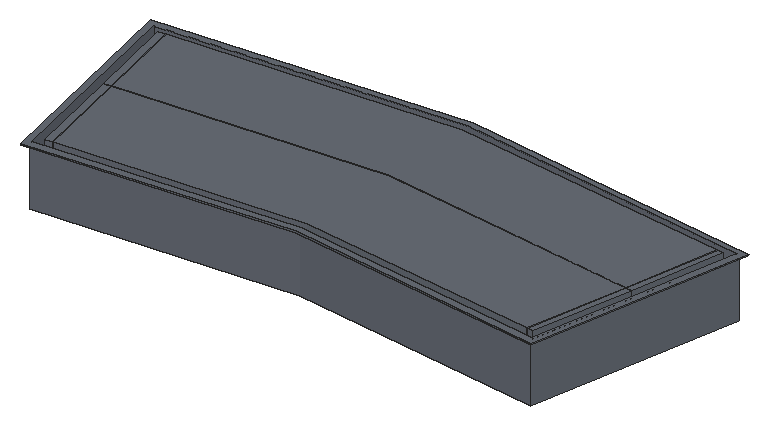
Revit family
Parameters (values of type "PL07 07 7/0")
  Width = 359.2 mm
  URL = "http://www.meinertz.com/pictures_org/prodk.pdf"
  Thermal Performance = Thermal Performance Constant * Length / 1000 mm  # 288.7631
  Thermal Performance Index = 7
  Tap Radius = 9.5 mm / 2  # 4.75 mm
  Right Tap Visible = Count Grill Main > 5  # yes
  Not Flip Convector Side = not(Flip Convector Side)  # yes
  Disable Tap 2 = and(Right Tap Visible, (Flip Convector Side))  # no
  Disable Tap = and(Right Tap Visible, not(Flip Convector Side))  # yes
  Actual Width 2 = if(Flip Convector Side, (Count Grill Side) * 24 mm + 13 mm + 11 mm, Count Grill Main * 24 mm + 11 mm)  # 179 mm
  Actual Width 1 = if(Flip Convector Side, Count Grill Main * 24 mm + 11 mm, (Count Grill Side) * 24 mm + 13 mm + 11 mm)  # 192 mm
  Actual Width = Actual Width 1 + Actual Width 2  # 371 mm
  R = ((K ^ 2) / (8 * H) + (H / 2))  # 2525 mm
  Outer Side Width = Width - Convector Width  # 191.2 mm
  Model = "PL07 07 7/0"
  Manufacturer = "Meinertz"  # constant formula
  Length = 2 * 3.14 * R * Alpha / Full Circle  # 1006.143 mm
  Keynote = "PL07 07 7/0"
  GoGetNo = 6948  # constant formula
  Full Circle = 360.00°  # constant formula
  Depth Outer = if(Flip Convector Side, 20 mm, 70 mm)  # 70 mm
  K = 1000 mm
  Inner rad = R - Actual Width  # 2154 mm
  H = 50 mm
  Grill = RAL 7024
  Frame = RAL 7024
  Depth Inside = if(Flip Convector Side, 70 mm, 20 mm)  # 20 mm
  Depth = 100 mm
  Count Grill Total = (Width - 13 mm - 22 mm) / 24 mm + 0.49  # 14
  Count Grill Side = Count Grill Total - Count Grill Main  # 7
  Count Grill Main = Convector Width / 24 mm  # 7
  Flip Convector Side = no
  Convector Width = 168 mm
  Center Rad = Inner rad + Actual Width 1  # 2346 mm
  Thermal Performance Constant = if(Thermal Performance Index = 3, 145, if(Thermal Performance Index = 4, 191, if(Thermal Performance Index = 5, 231, if(Thermal Performance Index = 6, 262, if(Thermal Performance Index = 7, 287, if(Thermal Performance Index = 8, 317, if(Thermal Performance Index = 9, 339, if(Thermal Performance Index = 10, 359, if(Thermal Performance Index = 11, 382, if(Thermal Performance Index = 12, 404, if(Thermal Performance Index = 13, 424, 444)))))))))))  # 287
  Alpha = 2 * acos((R - H) / R)  # 22.8424°
Types (6, lengths in mm): name | Width | Thermal Performance | Thermal Performance Index | Right Tap Visible | Disable Tap | Actual Width 2 | Actual Width 1 | Actual Width | Outer Side Width | Model | Keynote | Inner rad | Count Grill Total | Count Grill Side | Count Grill Main | Convector Width | Center Rad | Thermal Performance Constant
  (no name) | 359.2 | 288.7631 | 7 | yes | yes | 179 | 192 | 371 | 191.2 | "PL07 07 7/0" | "PL07 07 7/0" | 2154 | 14 | 7 | 7 | 168 | 2346 | 287
  PL07 03 5/0 | 215.2 | 145.8907 | 3 | no | no | 83 | 144 | 227 | 143.2 | "PL07 03 5/0" | "PL07 03 5/0" | 2298 | 8 | 5 | 3 | 72 | 2442 | 145
  PL07 04 5/0 | 239.2 | 192.1733 | 4 | no | no | 107 | 144 | 251 | 143.2 | "PL07 04 5/0" | "PL07 04 5/0" | 2274 | 9 | 5 | 4 | 96 | 2418 | 191
  PL07 05 5/0 | 263.2 | 232.419 | 5 | no | no | 131 | 144 | 275 | 143.2 | "PL07 05 5/0" | "PL07 05 5/0" | 2250 | 10 | 5 | 5 | 120 | 2394 | 231
  PL07 06 6/0 | 311.2 | 263.6095 | 6 | yes | yes | 155 | 168 | 323 | 167.2 | "PL07 06 6/0" | "PL07 06 6/0" | 2202 | 12 | 6 | 6 | 144 | 2370 | 262
  PL07 07 7/0 | 359.2 | 288.7631 | 7 | yes | yes | 179 | 192 | 371 | 191.2 | "PL07 07 7/0" | "PL07 07 7/0" | 2154 | 14 | 7 | 7 | 168 | 2346 | 287
Reference planes
  plane 1 "Center (Front/Back)": y = 0
  plane 2: z = 0
  plane 3 "Center (Left/Right)": x = 50.803
  plane 4: x = 550.803
  plane 5: x = -449.197
  plane 6: y = 50
  plane 7: z = -100
  plane 8: y = -2475
  plane 9: z = -70
  plane 10: z = -20
  plane 11: z = -98
Forms (mm)
  Extrusion 1, void
    sketch origin (0, 0, 0) x (1, 0, 0) y (0, 1, 0)
      loop
        line (-449.197, 0) -> (-375.732, -363.653)
        arc (-375.732, -363.653) -> (50.803, -321) -> (477.338, -363.653) r 2154
        line (477.338, -363.653) -> (550.803, 0)
        arc (550.803, 0) -> (50.803, 50) -> (-449.197, 0) r 2525
    from 0 to -100
  Sweep 2, solid, material "RAL 7024" <- "Frame"
    path origin (0, 0, 0) x (1, 0, 0) y (0, 1, 0)
      loop
        line (-449.197, 0) -> (-375.732, -363.653)
        arc (-375.732, -363.653) -> (50.803, -321) -> (477.338, -363.653) r 2154
        line (477.338, -363.653) -> (550.803, 0)
        arc (550.803, 0) -> (50.803, 50) -> (-449.197, 0) r 2525
    profile origin (50.803, 50, 0) x (0, 1, 0) y (0, 0, 1)
      loop
        line (0, 0) -> (-11, 0) -> (-11, -100) -> (-9, -100) -> (-9, -2) -> (0, -2) -> (0, 0)
  Extrusion 3, solid, material "RAL 7024" <- "Frame"
    sketch origin (0, 0, 0) x (1, 0, 0) y (0, 1, 0)
      loop
        line (-420.899, -18.874) -> (-390.202, -170.823)
        arc (-390.202, -170.823) -> (-384.799, -169.796) -> (-379.393, -168.781) r 2346
        line (-379.393, -168.781) -> (-410.091, -16.823)
        arc (-410.091, -16.823) -> (-415.496, -17.842) -> (-420.899, -18.874) r 2501.012
      loop
        arc (522.55, -18.653) -> (517.147, -17.622) -> (511.742, -16.602) r 2501.236
        line (511.742, -16.602) -> (480.999, -168.781)
        arc (480.999, -168.781) -> (486.405, -169.796) -> (491.808, -170.823) r 2346
        line (491.808, -170.823) -> (522.55, -18.653)
    from 0 to -70
  Extrusion 4, solid, material "RAL 7024" <- "Frame"
    sketch origin (0, 0, 0) x (1, 0, 0) y (0, 1, 0)
      loop
        line (-436.253, -8.521) -> (-367.101, -350.827)
        arc (-367.101, -350.827) -> (50.803, -310.108) -> (468.707, -350.827) r 2164.892
        line (468.707, -350.827) -> (537.859, -8.521)
        arc (537.859, -8.521) -> (50.803, 39.108) -> (-436.253, -8.521) r 2514.108
    from -100 to -98
  Extrusion 5, solid, material "RAL 7024" <- "Grill"
    sketch origin (0, 0, 0) x (1, 0, 0) y (0, 1, 0)
      loop
        line (-410.136, -16.602) -> (-379.393, -168.781)
        arc (-379.393, -168.781) -> (50.803, -129) -> (480.999, -168.781) r 2346
        line (480.999, -168.781) -> (511.742, -16.602)
        arc (511.742, -16.602) -> (50.803, 26.236) -> (-410.136, -16.602) r 2501.236
    from 0 to -70
  Extrusion 6, solid, material "RAL 7024" <- "Grill"
    sketch origin (0, 0, 0) x (1, 0, 0) y (0, 1, 0)
      loop
        line (-379.393, -168.781) -> (-346.075, -333.706)
        arc (-346.075, -333.706) -> (50.803, -297.236) -> (447.681, -333.706) r 2177.764
        line (447.681, -333.706) -> (480.999, -168.781)
        arc (480.999, -168.781) -> (50.803, -129) -> (-379.393, -168.781) r 2346
    from 0 to -20
  Extrusion 7, solid, material "RAL 7024" <- "Frame"
    sketch origin (0, 0, 0) x (1, 0, 0) y (0, 1, 0)
      loop
        line (-390.202, -170.823) -> (-356.886, -335.738)
        arc (-356.886, -335.738) -> (-351.482, -334.715) -> (-346.075, -333.706) r 2177.764
        line (-346.075, -333.706) -> (-379.393, -168.781)
        arc (-379.393, -168.781) -> (-384.799, -169.796) -> (-390.202, -170.823) r 2346
      loop
        line (480.999, -168.781) -> (447.681, -333.706)
        arc (447.681, -333.706) -> (453.088, -334.715) -> (458.492, -335.738) r 2177.764
        line (458.492, -335.738) -> (491.808, -170.823)
        arc (491.808, -170.823) -> (486.405, -169.796) -> (480.999, -168.781) r 2346
    from 0 to -20
  Extrusion 8, solid, material "Tap", visible <- "Disable Tap"
    sketch origin (522.55, -18.653, 0) x (-0.19802, -0.980198, 0) y (0, 0, -1)
      loop
        circle (125.244, 55) r 4.75
    from 0 to 13
  Extrusion 9, solid, material "Tap", visible <- "Not Flip Convector Side"
    sketch origin (522.55, -18.653, 0) x (-0.19802, -0.980198, 0) y (0, 0, -1)
      loop
        circle (30, 55) r 4.75
    from 0 to 13
  Extrusion 10, solid, material "Tap", visible <- "Not Flip Convector Side"
    sketch origin (-420.899, -18.874, 0) x (0.19802, -0.980198, 0) y (0, 0, 1)
      loop
        circle (30, -55) r 4.75
    from 0 to 13
  Extrusion 11, solid, material "Tap", visible <- "Disable Tap"
    sketch origin (-420.899, -18.874, 0) x (0.19802, -0.980198, 0) y (0, 0, 1)
      loop
        circle (125.019, -55) r 4.75
    from 0 to 13
  Extrusion 12, solid, material "Tap", visible <- "Disable Tap 2"
    sketch origin (-390.202, -170.823, 0) x (0.19802, -0.980198, 0) y (0, 0, 1)
      loop
        circle (30, -55) r 4.75
    from 0 to 13
  Extrusion 13, solid, material "Tap", visible <- "Flip Convector Side"
    sketch origin (-390.202, -170.823, 0) x (0.19802, -0.980198, 0) y (0, 0, 1)
      loop
        circle (138.246, -55) r 4.75
    from 0 to 13
  Extrusion 14, solid, material "Tap", visible <- "Flip Convector Side"
    sketch origin (491.808, -170.823, 0) x (-0.19802, -0.980198, 0) y (0, 0, -1)
      loop
        circle (138.246, 55) r 4.75
    from 0 to 13
  Extrusion 15, solid, material "Tap", visible <- "Disable Tap 2"
    sketch origin (491.808, -170.823, 0) x (-0.19802, -0.980198, 0) y (0, 0, -1)
      loop
        circle (30, 55) r 4.75
    from 0 to 13
Lines and regions (mm)
  reference lines
    curve 1: arc (-449.197, 0, 0) -> (50.803, 50, 0) -> (550.803, 0, 0) r 2525
    curve 2: arc (-375.732, -363.653, 0) -> (50.803, -321, 0) -> (477.338, -363.653, 0) r 2154
    curve 3: line (-449.197, 0, 0) -> (50.803, -2475, 0)
    curve 4: line (550.803, 0, 0) -> (50.803, -2475, 0)
    curve 5: arc (-413.751, -175.455, 0) -> (50.803, -129, 0) -> (515.357, -175.455, 0) r 2346
    curve 6: arc (-377.888, -352.978, 0) -> (50.803, -310.108, 0) -> (479.494, -352.978, 0) r 2164.892
    curve 7: arc (-447.04, -10.676, 0) -> (50.803, 39.108, 0) -> (548.646, -10.676, 0) r 2514.108
    curve 8: line (-436.253, -8.521, 0) -> (50.803, -2419.45, 0)
    curve 9: line (537.859, -8.521, 0) -> (50.803, -2419.45, 0)
    curve 10: line (-423.493, -6.036, 0) -> (63.489, -2416.596, 0)
    curve 11: arc (-380.437, -340.361, 0) -> (50.803, -297.236, 0) -> (482.043, -340.361, 0) r 2177.764
    curve 12: line (525.099, -6.036, 0) -> (38.117, -2416.596, 0)
    curve 13: arc (-444.491, -23.293, 0) -> (50.803, 26.236, 0) -> (546.097, -23.293, 0) r 2501.236
    curve 14: arc (-442.335, -33.969, 0) -> (50.803, 15.345, 0) -> (543.941, -33.969, 0) r 2490.345
    curve 15: line (-412.685, -3.984, 0) -> (74.224, -2414.182, 0)
    curve 16: arc (-382.594, -329.685, 0) -> (50.803, -286.345, 0) -> (484.2, -329.685, 0) r 2188.655
    curve 17: line (514.291, -3.984, 0) -> (27.382, -2414.182, 0)
Dimensions and locks
  equal spacing: plane 5, plane 3 "Center (Left/Right)", plane 4
  "K": plane 5 to plane 4
  "H": plane 1 "Center (Front/Back)" to plane 6
  "Depth": plane 2 to plane 7
  "R": plane 6 to plane 8
  "Depth Outer": plane 2 to plane 9
  "Depth Inside": plane 2 to plane 10
  curve 3 to curve 8 to curve 10 to curve 15 = 11 mm locked, 13 mm locked, 11 mm locked
  curve 17 to curve 12 to curve 9 to curve 4 = 11 mm locked, 13 mm locked, 11 mm locked  (x2)
  curve 3 to curve 9 to curve 10 to curve 15 = 11 mm locked, 13 mm locked, 11 mm locked
  curve 2 to curve 6 to curve 11 to curve 16 = 10.889 mm, 12.869 mm, 10.889 mm  (x2)
  curve 1 to curve 7 to curve 13 to curve 14 = 10.889 mm, 12.869 mm, 10.889 mm  (x2)
  locked: plane 11 to plane 7 at 2
  Extrusion 3 to Extrusion 8 sketch curve = 30 mm
  locked: Extrusion 9 sketch curve to Extrusion 3 at 30
  Extrusion 9 sketch curve to Extrusion 7 = 35 mm
  locked: Extrusion 3 to Extrusion 10 sketch curve at 30
  locked: Extrusion 11 sketch curve to Extrusion 3 at 30
  locked: Extrusion 3 to Extrusion 10 sketch curve at 55
  locked: Extrusion 3 to Extrusion 11 sketch curve at 55
  locked: Extrusion 7 to Extrusion 12 sketch curve at 55
  locked: Extrusion 7 to Extrusion 12 sketch curve at 30
  locked: Extrusion 13 sketch curve to Extrusion 7 at 30
  locked: Extrusion 7 to Extrusion 13 sketch curve at 55
  locked: Extrusion 15 sketch curve to Extrusion 7 at 30
  locked: Extrusion 7 to Extrusion 15 sketch curve at 55
  locked: Extrusion 7 to Extrusion 14 sketch curve at 30
  locked: Extrusion 7 to Extrusion 14 sketch curve at 55
  locked: Extrusion 3 to Extrusion 8 sketch curve at 55
  locked: Extrusion 3 to Extrusion 9 sketch curve at 55
  "R": radius of curve 1
  "Inner rad": radius of curve 2
  "Center Rad": radius of curve 5
  "Tap Radius": radius of Extrusion 9 sketch curve
  "Tap Radius": radius of Extrusion 8 sketch curve
  "Tap Radius": radius of Extrusion 15 sketch curve
  "Tap Radius": radius of Extrusion 14 sketch curve
  "Tap Radius": radius of Extrusion 10 sketch curve
  "Tap Radius": radius of Extrusion 11 sketch curve
  "Tap Radius": radius of Extrusion 12 sketch curve
  "Tap Radius": radius of Extrusion 13 sketch curve
  aligned and locked: Extrusion 1 sketch curve to curve 1
  aligned and locked: Extrusion 1 sketch curve to curve 2
  aligned and locked: Extrusion 1 sketch curve to curve 3
  aligned and locked: Extrusion 1 sketch curve to curve 4
  aligned and locked: Extrusion 1 to plane 7
  aligned and locked: plane 2 to Extrusion 1
  aligned and locked: plane 9 to Extrusion 3
  aligned and locked: Extrusion 4 sketch curve to curve 8
  aligned and locked: Extrusion 4 sketch curve to curve 6
  aligned and locked: Extrusion 4 sketch curve to curve 7
  aligned and locked: Extrusion 4 sketch curve to curve 9
  aligned and locked: Extrusion 4 to plane 7
  aligned and locked: Extrusion 4 to plane 11
  aligned and locked: curve 15 to Extrusion 5 sketch curve
  aligned and locked: curve 17 to Extrusion 5 sketch curve
  aligned and locked: Extrusion 5 sketch curve to curve 5
  aligned and locked: plane 9 to Extrusion 5
  aligned and locked: curve 15 to Extrusion 6 sketch curve
  aligned and locked: Extrusion 6 sketch curve to curve 5
  aligned and locked: curve 17 to Extrusion 6 sketch curve
  aligned and locked: plane 10 to Extrusion 6
  aligned and locked: Sweep 2 sketch curve to curve 2
  aligned and locked: curve 10 to Extrusion 3 sketch curve
  aligned and locked: curve 15 to Extrusion 3 sketch curve
  aligned and locked: curve 17 to Extrusion 3 sketch curve
  aligned and locked: curve 12 to Extrusion 3 sketch curve
  aligned and locked: Extrusion 3 sketch curve to curve 5  (x2)
  aligned and locked: curve 10 to Extrusion 7 sketch curve
  aligned and locked: curve 15 to Extrusion 7 sketch curve
  aligned and locked: curve 17 to Extrusion 7 sketch curve
  aligned and locked: curve 12 to Extrusion 7 sketch curve
  aligned and locked: Extrusion 7 sketch curve to curve 11  (x2)
  aligned and locked: Extrusion 7 sketch curve to curve 5  (x2)
  aligned and locked: plane 10 to Extrusion 7
  aligned and locked: Sweep 2 sketch curve to curve 3
  aligned and locked: Sweep 2 sketch curve to curve 4
  aligned and locked: Extrusion 3 sketch curve to curve 13
  aligned and locked: Extrusion 5 sketch curve to curve 13
  aligned and locked: Extrusion 6 sketch curve to curve 11
Automatic sketch dimensions
  curve 1 to curve 2 = 0 mm
  curve 1 to curve 5 = 0 mm  (x2)
  curve 1 to curve 6 = 0 mm
  curve 1 to curve 7 = 0 mm
  curve 1 to curve 11 = 0 mm
  curve 1 to curve 13 = 0 mm
  curve 1 to curve 14 = 0 mm
  curve 1 to curve 16 = 0 mm  (x2)
  curve 1 to plane 5 = 0 mm
  curve 4 to plane 3 "Center (Left/Right)" = 0 mm
  curve 7 to plane 3 "Center (Left/Right)" = 0 mm
  curve 8 to plane 3 "Center (Left/Right)" = 0 mm
  curve 1 to plane 1 "Center (Front/Back)" = 0 mm
  curve 3 to plane 8 = 0 mm
  curve 8 to curve 12 = 2.854 mm
  curve 8 to curve 10 = 2.854 mm
  curve 10 to curve 15 = 2.415 mm
  curve 12 to curve 17 = 2.415 mm
  Sweep 2 sketch curve to plane 1 "Center (Front/Back)" = 0 mm
  Sweep 2 sketch curve to Sweep 2 sketch curve = 0 mm  (x2)
  Sweep 2 sketch curve to level = 0 mm
  Sweep 2 sketch curve to profile plane = 0 mm
  profile plane to Sweep 2 sketch curve = 9 mm
  Sweep 2 sketch curve to Sweep 2 sketch curve = 2 mm  (x2)
  Sweep 2 sketch curve to Sweep 2 sketch curve = 98 mm
  Extrusion 3 sketch curve to Extrusion 3 sketch curve = 0 mm  (x2)
  plane 1 "Center (Front/Back)" to Extrusion 3 sketch curve = 16.823 mm
Connectors
  piping at (510.492, -143.992, -55)
    settings: on Extrusion 8, index 1, connector radius 4.8 mm, flow factor 0, pipe flow 0.0 L/s, pressure drop 0.0 Pa, fitting loss kfactor 0, connector angle 0.00°, fixture units 0, flow configuration 1, flow direction 1, fitting loss method 0, system type 22, connector reference index -1, connector utility 0, adjustable connector no, is connector primary yes, fitting loss table "", connector description ""
  piping at (529.352, -50.634, -55)
    settings: on Extrusion 9, index 2, connector radius 4.8 mm, flow factor 0, pipe flow 0.0 L/s, pressure drop 0.0 Pa, fitting loss kfactor 0, connector angle 0.00°, fixture units 0, flow configuration 1, flow direction 2, fitting loss method 0, system type 22, connector reference index -1, connector utility 0, adjustable connector no, is connector primary no, fitting loss table "", connector description ""
  piping at (-427.701, -50.854, -55)
    settings: on Extrusion 10, index 3, connector radius 4.8 mm, flow factor 0, pipe flow 0.0 L/s, pressure drop 0.0 Pa, fitting loss kfactor 0, connector angle 0.00°, fixture units 0, flow configuration 1, flow direction 1, fitting loss method 0, system type 22, connector reference index -1, connector utility 0, adjustable connector no, is connector primary no, fitting loss table "", connector description ""
  piping at (-408.886, -143.992, -55)
    settings: on Extrusion 11, index 4, connector radius 4.8 mm, flow factor 0, pipe flow 0.0 L/s, pressure drop 0.0 Pa, fitting loss kfactor 0, connector angle 0.00°, fixture units 0, flow configuration 1, flow direction 2, fitting loss method 0, system type 22, connector reference index -1, connector utility 0, adjustable connector no, is connector primary no, fitting loss table "", connector description ""
  piping at (477.176, -308.906, -55), driven by "Tap Radius"
    settings: on Extrusion 14, index 5, connector radius 4.75 mm, flow factor 0, pipe flow 0.0 L/s, pressure drop 0.0 Pa, fitting loss kfactor 0, connector angle 0.00°, fixture units 0, flow configuration 0, flow direction 0, fitting loss method 0, system type 7, connector reference index -1, connector utility 0, adjustable connector no, is connector primary no, fitting loss table "", connector description ""
  piping at (498.61, -202.804, -55), driven by "Tap Radius"
    settings: on Extrusion 15, index 6, connector radius 4.75 mm, flow factor 0, pipe flow 0.0 L/s, pressure drop 0.0 Pa, fitting loss kfactor 0, connector angle 0.00°, fixture units 0, flow configuration 0, flow direction 0, fitting loss method 0, system type 7, connector reference index -1, connector utility 0, adjustable connector no, is connector primary no, fitting loss table "", connector description ""
  piping at (-375.569, -308.906, -55), driven by "Tap Radius"
    settings: on Extrusion 13, index 7, connector radius 4.75 mm, flow factor 0, pipe flow 0.0 L/s, pressure drop 0.0 Pa, fitting loss kfactor 0, connector angle 0.00°, fixture units 0, flow configuration 0, flow direction 0, fitting loss method 0, system type 7, connector reference index -1, connector utility 0, adjustable connector no, is connector primary no, fitting loss table "", connector description ""
  piping at (-397.004, -202.804, -55), driven by "Tap Radius"
    settings: on Extrusion 12, index 8, connector radius 4.75 mm, flow factor 0, pipe flow 0.0 L/s, pressure drop 0.0 Pa, fitting loss kfactor 0, connector angle 0.00°, fixture units 0, flow configuration 0, flow direction 0, fitting loss method 0, system type 7, connector reference index -1, connector utility 0, adjustable connector no, is connector primary no, fitting loss table "", connector description ""
